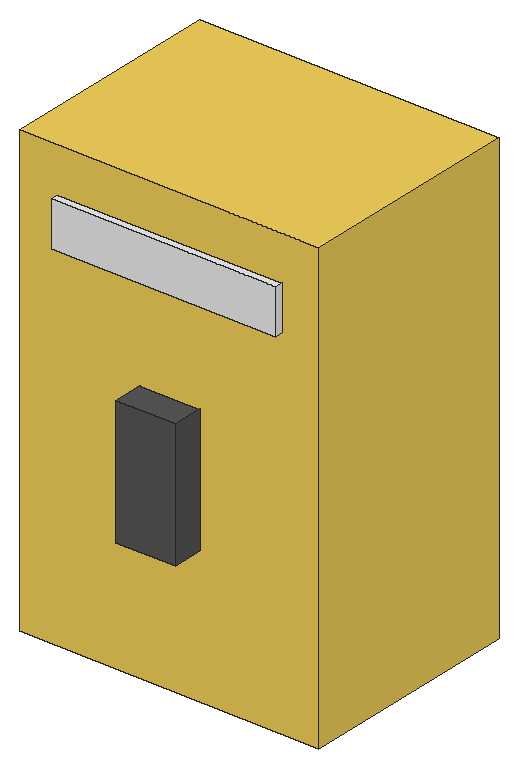
Revit family "TP_Plug-in Tap-off Unit", category Electrical Equipment, Revit 2025
Family settings
  Panel Configuration = Two Columns, Circuits Across
  Round Connector Dimension = Use Diameter
  Part Type = Panelboard
  OmniClass Number = 23.80.30.11.17
  OmniClass Title = Distribution Boards and Control Panels
  Work Plane-Based = No
  Always vertical = Yes
  Cut with Voids When Loaded = No
  Maintain Annotation Orientation = No
  Shared = No
  Room Calculation Point = No
Parameters (values of type "MCCB Plug-in")
  built-in parameter 1140142 [instance] = -1
  built-in parameter 1140140 [instance] = 1 (stored number, unit not read)
  built-in parameter 1155100 [instance] = -1
  Default Elevation = 0 mm
Reference planes
  plane 1 "Center (Front/Back)": y = 0
  plane 2: z = 0
  plane 3 "Center (Left/Right)": x = 0
Forms (mm)
  Extrusion 1, solid, material "Tap-off Box Yellow"
    sketch origin (0, 0, -600) x (1, 0, 0) y (0, 1, 0)
      loop
        line (-200, -300) -> (200, -300) -> (200, 0) -> (-200, 0) -> (-200, -300)
    from 0 to 600
  Extrusion 2, solid, material "Tap-off Handle Black"
    sketch origin (0, 0, -420) x (1, 0, 0) y (0, 1, 0)
      loop
        line (-40, -340) -> (40, -340) -> (40, -300) -> (-40, -300) -> (-40, -340)
    from 0 to 170
  Extrusion 3, solid, material "Tap-off Label White"
    sketch origin (0, 0, -120) x (1, 0, 0) y (0, 1, 0)
      loop
        line (-150, -310) -> (150, -310) -> (150, -300) -> (-150, -300) -> (-150, -310)
    from 0 to 60
Dimensions and locks
  aligned and locked: level to plane 2
